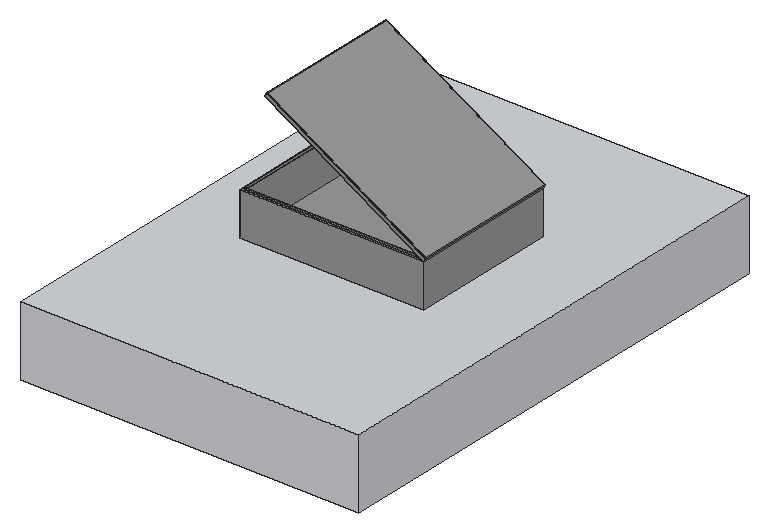
Revit family "Hager-Univers-IP54-D205-H650-Cl.I-Encl-DE-de", category Equipement électrique, Revit 2020
Family settings
  Hôte = Face
  Configuration du panneau = Deux colonnes, circuits au sein
  Cote de connecteur circulaire = Utiliser le diamètre
  Type d'élément = Tableau de raccordement
  Couper avec des vides une fois chargée = Non
  Partagée = Non
  Point de calcul de pièce = Non
Parameters (values of type "Aufputz IP54 B800 H650 T205  - FP43TW2")
  Width Control [instance] = if([EF000008 - Breite] > Min Width, [EF000008 - Breite], Min Width)  # 800 mm
  Commentaires du type = [HG000003 - Bereich]  # "Univers"
  Thickness Door [instance] = if([EF009171 - Materialstärke Tür/Deckel] > 3 mm, 3 mm, [EF009171 - Materialstärke Tür/Deckel])  # 1 mm
  Seal Frame Offset [instance] = 17 mm  # constant formula
  Plinth Visibility [instance] = [HG000027 - Sockelhöhe] > 0 mm  # no
  Model = ""
  Min Width [instance] = 100 mm  # constant formula
  Min Height [instance] = 100 mm  # constant formula
  Min Depth [instance] = (2 * [EF009170 - Materialstärke Gehäuse]) + 1 mm  # 3 mm
  Internal Frame Depth [instance] = (Door System Depth * 0.5)  # 9 mm
  Height Control [instance] = if([EF000040 - Höhe] > Min Height, [EF000040 - Höhe], Min Height)  # 650 mm
  HG000027 - Sockelhöhe = 0 mm
  HG000026 - Stehend auf dem Boden = no
  HG000024 - Höhe des unteren Teils = 800 mm
  HG000023 - Gehäuse mit doppeltem Querschnitt = no
  HG000016 - 3D-Türsichtbarkeit [instance] = yes
  HG000015 - Sichtbarkeit der Türöffnung [instance] = no
  HG000014 - Tür rechts [instance] = yes
  HG000013 - Tür links [instance] = not([HG000014 - Tür rechts])  # no
  HG000012 - Türschwenkwinkel [instance] = 30.00°
  HG000010 - Asymmetrische Türen = no
  HG000009 - Doppelflügeligen Tür = no
  HG000006 - Unterputz = no
  HG000004 - Herstellerreferenz = "FP43TW2"
  HG000003 - Bereich = "Univers"
  HG000002 - Mit tür = yes
  Frame Offset Bottom [instance] = 10 mm  # constant formula
  Frame Offset [instance] = 15 mm  # constant formula
  EF015940 - Deckel mit Überdruckentlastung = no
  EF011959 - Schutzart (NEMA) = ""
  EF009554 - Anzahl der Öffnungen für Flanschplatten = 6
  Fabricant = "Hager"  # constant formula
  EF009212 - Ausführung Deckel = "EV000116 - geschlossen"
  EF009171 - Materialstärke Tür/Deckel = 1 mm
  EF009170 - Materialstärke Gehäuse = 1 mm
  EF008873 - Nennstrom (In) = 250 A
  EF007800 - Geeignet für Blitzschutz = no
  EF006306 - Mit Schloss = no
  EF006244 - Transparenter Deckel/Tür = no
  EF005474 - Schutzart (IP) = "EV006419 - IP54"
  EF004464 - Art der Tür = "EV002646 - Einzel"
  EF004427 - Anzahl der Module = 144
  EF004293 - Schlagfestigkeit = "EV006815 - IK09"
  EF003532 - Geeignet für Außengebrauch = no
  EF002950 - Breite in Teilungseinheiten = 36
  EF001613 - Funktionserhalt = "EV000494 - ohne"
  EF001596 - Werkstoff des Gehäuses = "EV000179 - Stahl"
  EF001131 - Innentiefe = 205 mm
  EF001088 - Anbaumöglichkeit = yes
  EF000437 - Anzahl der Leitungseinführungen = 6
  EF000339 - Art der Abdeckung = "EV001012 - Deckel"
  EF000266 - Anzahl der Reihen = 4
  EF000218 - Einbautiefe = 205 mm
  EF000118 - Mit Montageplatte = no
  EF000116 - RAL-Nummer = "9010"
  EF000049 - Tiefe = 205 mm
  EF000040 - Höhe = 650 mm
  EF000008 - Breite = 800 mm
  EF000007 - Farbe = "EV000202 - weiß"
  EF000003 - Montageart = "EV000384 - Aufputz"
  Door System Leaf Tolerance [instance] = 1.5 mm  # constant formula
  Door System Depth [instance] = 18 mm  # constant formula
  Door Height [instance] = Height Control - [HG000027 - Sockelhöhe]  # 650 mm
  Depth Control [instance] = if([EF000049 - Tiefe] > Min Depth, [EF000049 - Tiefe], Min Depth)  # 205 mm
  Default Elevation = 0 mm
  Connector Offset [instance] = Height Control / 2  # 325 mm
  Bottom Top Plate Trim [instance] = 1.5 mm  # constant formula
  Plinth height Ctrl [instance] = if([HG000027 - Sockelhöhe] > 0 mm, [HG000027 - Sockelhöhe], 12 mm)  # 12 mm
Types (8, lengths in mm): name | Width Control | HG000009 - Doppelflügeligen Tür | HG000004 - Herstellerreferenz | EF009554 - Anzahl der Öffnungen für Flanschplatten | EF004464 - Art der Tür | EF004427 - Anzahl der Module | EF002950 - Breite in Teilungseinheiten | EF000437 - Anzahl der Leitungseinführungen | EF000008 - Breite
  Aufputz IP54 B1300 H650 T205  - FP45TW | 1300 | yes | "FP45TW" | 10 | "EV003602 - Doppel" | 240 | 60 | 10 | 1300
  Aufputz IP54 B1300 H650 T205  - FP45TW2 | 1300 | no | "FP45TW2" | 10 | "EV003602 - Doppel" | 240 | 60 | 10 | 1300
  Aufputz IP54 B300 H650 T205  - FP41TW | 300 | no | "FP41TW" | 2 | "EV002646 - Einzel" | 48 | 12 | 2 | 300
  Aufputz IP54 B300 H650 T205  - FP41TW2 | 300 | no | "FP41TW2" | 2 | "EV002646 - Einzel" | 48 | 12 | 2 | 300
  Aufputz IP54 B550 H650 T205  - FP42TW | 550 | no | "FP42TW" | 4 | "EV002646 - Einzel" | 96 | 24 | 4 | 550
  Aufputz IP54 B550 H650 T205  - FP42TW2 | 550 | no | "FP42TW2" | 4 | "EV002646 - Einzel" | 96 | 24 | 4 | 550
  Aufputz IP54 B800 H650 T205  - FP43TW | 800 | no | "FP43TW" | 6 | "EV002646 - Einzel" | 144 | 36 | 6 | 800
  Aufputz IP54 B800 H650 T205  - FP43TW2 | 800 | no | "FP43TW2" | 6 | "EV002646 - Einzel" | 144 | 36 | 6 | 800
Reference planes
  plane 1 "Center (Front/Back)": y = 0
  plane 2: z = 0
  plane 3 "Center (Left/Right)": x = 0
  plane 4: z = 205
  plane 5: y = 1
  plane 6: y = 325
  plane 7: y = 0
  plane 8: y = 650
  plane 9: z = 0
  plane 10: x = -385
  plane 11: x = 385
  plane 12: x = 384
  plane 13: x = -384
  plane 14: y = 649
  plane 15: x = -383
  plane 16: x = -400
  plane 17: x = 383
  plane 18: x = 400
  plane 19: x = 399
  plane 20: x = -399
  plane 21: y = 11
  plane 22: y = 650
  plane 23: y = 634
  plane 24: z = 187
  plane 25: z = 1
  plane 26: z = 186
  plane 27: z = 204
Forms (mm)
  Extrusion 1, solid
    sketch origin (0, 0, 0) x (1, 0, 0) y (0, 1, 0)
      loop
        line (-702.964, 1305) -> (-702.964, -811.445) -> (766.763, -811.445) -> (766.763, 1305) -> (-702.964, 1305)
    from 0 to -304.8
  Extrusion 2, solid, material "Hager_Steel_RAL7035_Light_Grey", visible <- "Plinth Visibility", detail levels medium+fine
    sketch origin (0, 0, 0) x (1, 0, 0) y (0, 1, 0)
      loop
        line (-400, 0) -> (400, 0) -> (400, 12) -> (-400, 12) -> (-400, 0)
    from 0 to 187
  Extrusion 3, solid, material "Hager_Steel_RAL7035_Light_Grey", detail levels medium+fine
    sketch origin (0, 0, 0) x (1, 0, 0) y (0, 1, 0)
      loop
        line (-400, 0) -> (400, 0) -> (400, 650) -> (-400, 650) -> (-400, 0)
    from 0 to 187
  Extrusion 4, void
    sketch origin (0, 0, 0) x (1, 0, 0) y (0, 1, 0)
      loop
        line (-399, 1) -> (399, 1) -> (399, 649) -> (-399, 649) -> (-399, 1)
    from 1 to 186
  Extrusion 5, void
    sketch origin (-381.607, -4572, 187) x (0, -1, 0) y (-1, 0, 0)
      loop
        line (-4583, 2.393) -> (-5206, 2.393) -> (-5206, -765.607) -> (-4583, -765.607) -> (-4583, 2.393)
    from 0 to 1 <- "EF009170 - Materialstärke Gehäuse"
  Extrusion 6, solid, material "Hager_Steel_RAL7035_Light_Grey", detail levels fine
    sketch origin (0, 0, 187) x (1, 0, 0) y (0, 1, 0)
      loop
        line (-384, 634) -> (-384, 11) -> (384, 11) -> (384, 634) -> (-384, 634)
      loop
        line (-385, 10) -> (385, 10) -> (385, 635) -> (-385, 635) -> (-385, 10)
    from 0 to 9 <- "Internal Frame Depth"
  Extrusion 7, solid, material "Hager_Steel_RAL7035_Light_Grey", detail levels coarse
    sketch origin (0, 0, 0) x (1, 0, 0) y (0, 1, 0)
      loop
        line (-400, 0) -> (400, 0) -> (400, 650) -> (-400, 650) -> (-400, 0)
    from 0 to 205
  Sweep 8, void
    path in 3D
      loop
        line (-400, 12, 0) -> (400, 12, 0) -> (400, 12, 187) -> (-400, 12, 187) -> (-400, 12, 0)
    profile origin (-400, 12, 93.5) x (-1, 0, 0) y (0, -1, 0)
      loop
        line (0, 0) -> (0, 1.5) -> (-1.5, 1.5)
        arc (-1.5, 1.5) -> (-1.061, 0.439) -> (0, 0) r 1.5
Cuts and joins
  Extrusion 4, Extrusion 5 cuts Extrusion 3
  Sweep 8 cuts Extrusion 2
Lines and regions (mm)
  Masking region 1
    outline origin (0, 0, 0) x (1, 0, 0) y (0, 0, 1)
      loop
        line (-400, 205) -> (-400, 0) -> (400, 0) -> (400, 205) -> (-400, 205)
  Masking region 2, detail levels medium+fine
    outline origin (0, 140, 0) x (0, 1, 0) y (0, 0, 1)
      loop
        line (-140, 0) -> (510, 0) -> (510, 187) -> (-140, 187) -> (-140, 0)
  Masking region 3, not visible, detail levels medium+fine
    outline origin (0, 297.922, 0) x (0, 1, 0) y (0, 0, 1)
      loop
        line (38.578, 0) -> (78.578, 0) -> (78.578, 194)
        arc (78.578, 194) -> (75.649, 201.071) -> (68.578, 204) r 10
        line (68.578, 204) -> (38.578, 204) -> (38.578, 0)
  Masking region 4, detail levels coarse
    outline origin (0, 0, 180) x (0, 1, 0) y (0, 0, 1)
      loop
        line (0, -180) -> (650, -180) -> (650, 25) -> (0, 25) -> (0, -180)
  Masking region 5, visible <- "Plinth Visibility", detail levels medium+fine
    outline origin (0, 52.24, 12.345) x (0, 0, -1) y (0, 1, 0)
      loop
        line (10.845, -40.24) -> (-173.155, -40.24)
        arc (-173.155, -40.24) -> (-173.594, -41.301) -> (-174.655, -41.74) r 1.5
        line (-174.655, -41.74) -> (-174.655, -52.24) -> (12.345, -52.24) -> (12.345, -41.74)
        arc (12.345, -41.74) -> (11.285, -41.301) -> (10.845, -40.24) r 1.5
  Masking region 6, detail levels medium+fine
    outline origin (-381.607, -4572, 187) x (-1, 0, 0) y (0, -1, 0)
      loop
        line (18.393, -5222) -> (18.393, -4572) -> (-781.607, -4572) -> (-781.607, -5222) -> (18.393, -5222)
  Masking region 7, visible <- "Plinth Visibility", detail levels medium+fine
    outline origin (-381.607, -4727, 187) x (-1, 0, 0) y (0, -1, 0)
      loop
        arc (16.893, -4739) -> (17.332, -4737.939) -> (18.393, -4737.5) r 1.5
        line (18.393, -4737.5) -> (18.393, -4727) -> (-781.607, -4727) -> (-781.607, -4737.5)
        arc (-781.607, -4737.5) -> (-780.546, -4737.939) -> (-780.107, -4739) r 1.5
        line (-780.107, -4739) -> (16.893, -4739)
  Masking region 8, detail levels coarse
    outline origin (-442.548, -4669.526, 187) x (-1, 0, 0) y (0, -1, 0)
      loop
        line (-42.548, -5319.526) -> (-42.548, -4669.526) -> (-842.548, -4669.526) -> (-842.548, -5319.526) -> (-42.548, -5319.526)
  sketch lines
    curve 1: line (-400, 12, 187) -> (-400, 12, 0)
    curve 2: line (400, 12, 187) -> (-400, 12, 187)
    curve 3: line (400, 12, 187) -> (400, 12, 0)
    curve 4: line (-400, 12, 0) -> (400, 12, 0)
Dimensions and locks
  "Depth Control": plane 4 to Extrusion 1
  "HG000027 - Sockelhöhe": plane 1 "Center (Front/Back)" to plane 7
  "EF009170 - Materialstärke Gehäuse": plane 5 to plane 7
  locked: connector elem to plane 3 "Center (Left/Right)"
  equal spacing: plane 8, plane 6, plane 7
  locked: connector elem to plane 6
  "EF009170 - Materialstärke Gehäuse": plane 8 to plane 14
  "EF009170 - Materialstärke Gehäuse": plane 10 to plane 13
  "EF009170 - Materialstärke Gehäuse": plane 12 to plane 11
  "Frame Offset": plane 20 to plane 13
  "Frame Offset": plane 12 to plane 19
  "EF009170 - Materialstärke Gehäuse": plane 16 to plane 20
  "EF009170 - Materialstärke Gehäuse": plane 19 to plane 18
  "Seal Frame Offset": plane 16 to plane 15
  "Seal Frame Offset": plane 17 to plane 18
  "Frame Offset Bottom": plane 21 to plane 5
  "Frame Offset": plane 14 to plane 23
  equal spacing: plane 16, plane 3 "Center (Left/Right)", plane 18
  "Width Control": plane 16 to plane 18
  "EF009170 - Materialstärke Gehäuse": plane 4 to plane 27
  "EF009170 - Materialstärke Gehäuse": plane 24 to plane 26
  "EF009170 - Materialstärke Gehäuse": plane 25 to level
  "Door System Depth": plane 4 to plane 24
  "Height Control": plane 1 "Center (Front/Back)" to Extrusion 7 sketch curve
  "Height Control": Masking region 4 sketch curve to plane 1 "Center (Front/Back)"
  "Height Control": plane 1 "Center (Front/Back)" to plane 22
  "Bottom Top Plate Trim": profile plane to Sweep 8 sketch curve
  "Bottom Top Plate Trim": Sweep 8 sketch curve to profile plane
  "Plinth height Ctrl": plane 1 "Center (Front/Back)" to Extrusion 2 sketch curve
  "Plinth height Ctrl": Masking region 5 sketch curve to plane 1 "Center (Front/Back)"
  "Plinth height Ctrl": plane 1 "Center (Front/Back)" to Masking region 7 sketch curve
  "Thickness Door": Extrusion 6 sketch curve to Extrusion 6 sketch curve  (x3)
  "Thickness Door": cut or joined group of Extrusion 3, Extrusion 4, Extrusion 5 to Extrusion 6 sketch curve
  radius of Masking region 3 sketch curve = 10 mm
  "Bottom Top Plate Trim": radius of Masking region 5 sketch curve  (x2)
  "Bottom Top Plate Trim": radius of Sweep 8 sketch curve
  "Bottom Top Plate Trim": radius of Masking region 7 sketch curve  (x2)
  aligned and locked: plane 2 to Extrusion 1
  aligned and locked: level to Extrusion 1
  aligned and locked: level to Masking region 1 sketch curve
  aligned and locked: Masking region 1 sketch curve to plane 18
  aligned and locked: Masking region 1 sketch curve to plane 16
  aligned and locked: plane 7 to Masking region 2 sketch curve
  aligned and locked: level to Masking region 3 sketch curve
  aligned and locked: Masking region 3 sketch curve to plane 27
  aligned and locked: level to Masking region 2 sketch curve
  aligned and locked: plane 1 "Center (Front/Back)" to Extrusion 2 sketch curve
  aligned and locked: Extrusion 3 sketch curve to plane 7
  aligned and locked: plane 16 to Extrusion 3 sketch curve
  aligned and locked: plane 18 to Extrusion 3 sketch curve
  aligned and locked: plane 20 to Extrusion 4 sketch curve
  aligned and locked: plane 19 to Extrusion 4 sketch curve
  aligned and locked: Extrusion 4 sketch curve to plane 5
  aligned and locked: Extrusion 4 to plane 25
  aligned and locked: plane 26 to Extrusion 4
  aligned and locked: plane 24 to Extrusion 3
  aligned and locked: Extrusion 5 sketch curve to plane 21
  aligned and locked: Extrusion 5 sketch curve to plane 13
  aligned and locked: Extrusion 5 sketch curve to plane 12
  aligned and locked: plane 18 to Extrusion 7 sketch curve
  aligned and locked: plane 1 "Center (Front/Back)" to Extrusion 7 sketch curve
  aligned and locked: plane 16 to Extrusion 7 sketch curve
  aligned and locked: plane 4 to Extrusion 7
  aligned and locked: Extrusion 7 to level
  aligned and locked: level to Masking region 4 sketch curve
  aligned and locked: Masking region 4 sketch curve to plane 1 "Center (Front/Back)"
  aligned and locked: Masking region 4 sketch curve to plane 4
  aligned and locked: nested 1 to level
  aligned and locked: nested 1 to plane 16
  aligned and locked: plane 8 to Extrusion 3 sketch curve
  aligned and locked: plane 23 to Extrusion 5 sketch curve
  aligned and locked: plane 14 to Extrusion 4 sketch curve
  aligned and locked: Masking region 2 sketch curve to plane 8
  aligned and locked: level to Masking region 5 sketch curve
  aligned and locked: plane 16 to Extrusion 2 sketch curve
  aligned and locked: plane 18 to Extrusion 2 sketch curve
  aligned and locked: Masking region 5 sketch curve to plane 24
  aligned and locked: Masking region 2 sketch curve to plane 24
  aligned and locked: plane 24 to Extrusion 2
  aligned and locked: profile plane to Sweep 8 sketch curve  (x2)
  aligned and locked: Masking region 6 sketch curve to plane 18
  aligned and locked: Masking region 6 sketch curve to plane 22
  aligned and locked: Masking region 6 sketch curve to plane 16
  aligned and locked: plane 8 to plane 22
  aligned and locked: Masking region 6 sketch curve to plane 7
  aligned and locked: Masking region 7 sketch curve to plane 16
  aligned and locked: Masking region 7 sketch curve to plane 1 "Center (Front/Back)"
  aligned and locked: Masking region 7 sketch curve to plane 18
  aligned and locked: Masking region 8 sketch curve to plane 1 "Center (Front/Back)"
  aligned and locked: Masking region 8 sketch curve to plane 18
  aligned and locked: Masking region 8 sketch curve to plane 22
  aligned and locked: Masking region 8 sketch curve to plane 16
  aligned and locked: nested 2 to plane 7
  aligned and locked: plane 3 "Center (Left/Right)" to nested 2
  aligned and locked: nested 2 to plane 24
  aligned and locked: Extrusion 6 sketch curve to cut or joined group of Extrusion 3, Extrusion 4, Extrusion 5  (x4)
Automatic sketch dimensions
  Extrusion 1 sketch curve to Extrusion 1 sketch curve = 1469.727 mm
  Extrusion 1 sketch curve to Extrusion 1 sketch curve = 2116.445 mm
  Masking region 1 sketch curve to plane 4 = 0 mm
  plane 6 to Masking region 3 sketch curve = 11.5 mm
  Masking region 3 sketch curve to Masking region 3 sketch curve = 30 mm
  Masking region 5 sketch curve to plane 1 "Center (Front/Back)" = 0 mm
Nested families
  nested 1: "Hager_Enclosure_Symbol" at (-400, 0, 0) x (1, 0, 0) z (0, -1, 0), Height <- "Depth Control", Width <- "Width Control", type "Hager_Enclosure_Symbol"
    with Width_Ctrl 800 mm, Width 800 mm, Height_Ctrl 205 mm, Height 205 mm, A_Width_Int 13.453 mm, A_Width 161.438 mm, A_Height_Ctrl 179.375 mm, A_Height 179.375 mm
  nested 2: "EC000058_Univers_Door" at (0, 0, 187) x (1, 0, 0) z (0, 1, 0), Leaf_Tolerance <- "Door System Leaf Tolerance", Angle <- "HG000012 - Türschwenkwinkel", Door_Depth <- "Door System Depth", Door_Left <- "HG000013 - Tür links", Transparent <- "EF006244 - Transparenter Deckel/Tür", Assymetrical <- "HG000010 - Asymmetrische Türen", Width <- "Width Control", Clearance <- "HG000015 - Sichtbarkeit der Türöffnung", Double <- "HG000009 - Doppelflügeligen Tür", 3d_Door <- "HG000016 - 3D-Türsichtbarkeit", Lock_Visibility <- "EF006306 - Mit Schloss", Width_Ctrl <- "Width Control", Door_Right <- "HG000014 - Tür rechts", Door <- "HG000002 - Mit tür", Height <- "Door Height", Thickness <- "Thickness Door", type "EC000058_Univers_Door", detail levels medium+fine
    with min_wh 3 mm, Width_Ctrl 800 mm, Width 800 mm, Transparent no, Thickness 1 mm, Seal_Material Hager_Rubber, Lock_Visibility no, Lock_Material Hager_Plastic_RAL9005_Jet_Black, Leaf_Width 800 mm, Leaf_Tolerance_External_Sides 0 mm, Leaf_Tolerance 1.5 mm, Leaf_Offset 0 mm, Leaf_Height 647 mm, Leaf_2_Width 800 mm, Leaf_2_Offset 400 mm, Leaf_1_Width 800 mm, Leaf_1_Offset 400 mm, Height_Ctrl 650 mm, Height 650 mm, Glass_Material Hager_Glass, Double_Clearance_Ctrl no, Double no, Door_Right_Ctrl yes, Door_Right yes, Door_Material Hager_Steel_RAL7035_Light_Grey, Door_Left_Ctrl no, Door_Left no, Door_Depth 18 mm, Door yes, Clearance_Material Hager_Clearance, Clearance_Depth 800 mm, Clearance_Ctrl no, Clearance no, Assymetrical no, Angle 30.00°, 3d_Door yes
Connectors
  electrical at (0, 325, 0)
    settings: on plane 9, index 1, voltage 0 V, apparent load 0 VA, apparent load phase1 0 VA, apparent load phase2 0 VA, apparent load phase3 0 VA, power factor 1, load classification "Other", number of poles 1, system type 30, power factor state 1, is connector primary yes, connector utility no, sub classification motor no, connector description ""
Definition of nested family "EC000058_Univers_Door"
  Parameters (values of type "EC000058_Univers_Door")
    min_wh [instance] = (2 * Thickness) + 1 mm  # 11 mm
    Width_Ctrl [instance] = 400 mm
    Width [instance] = 500 mm
    Transparent [instance] = yes
    Thickness [instance] = 5 mm
    Seal_Material [instance] = none
    Lock_Visibility [instance] = yes
    Lock_Material [instance] = none
    Leaf_Width [instance] = if((Width_Ctrl - 2 * Leaf_Tolerance_External_Sides) > 0 mm, (Width_Ctrl - 2 * Leaf_Tolerance_External_Sides), min_wh)  # 400 mm
    Leaf_Tolerance_External_Sides [instance] = 0 mm  # constant formula
    Leaf_Tolerance [instance] = 1.5 mm
    Leaf_Offset [instance] = 0 mm  # constant formula
    Leaf_Height [instance] = if((Height_Ctrl - 2 * Leaf_Tolerance) > 0 mm, (Height_Ctrl - 2 * Leaf_Tolerance), min_wh)  # 497 mm
    Leaf_2_Width [instance] = if(and(and(Double, Assymetrical), Door_Left), (Leaf_Width / 3) - (Leaf_Tolerance / 2), if(and(and(Double, Assymetrical), Door_Right), (Leaf_Width / 3) * 2 - (Leaf_Tolerance / 2), if(and(Double, not(Assymetrical)), (Leaf_Width / 2) - Leaf_Tolerance, Leaf_Width)))  # 400 mm
    Leaf_2_Offset [instance] = if(and(Double, Assymetrical), Leaf_2_Width / 2, if(and(Double, not(Assymetrical)), Leaf_Width / 4, Leaf_Width / 2))  # 200 mm
    Leaf_1_Width [instance] = if(and(and(Double, Assymetrical), Door_Right), (Leaf_Width / 3) - (Leaf_Tolerance / 2), if(and(and(Double, Assymetrical), Door_Left), (Width / 3) * 2 - (Leaf_Tolerance / 2), if(and(Double, not(Assymetrical)), (Leaf_Width / 2) - Leaf_Tolerance, Leaf_Width)))  # 400 mm
    Leaf_1_Offset [instance] = if(and(Double, Assymetrical), Leaf_1_Width / 2, if(and(Double, not(Assymetrical)), Leaf_Width / 4, Leaf_Width / 2))  # 200 mm
    Height_Ctrl [instance] = if(Height > min_wh, Height, min_wh)  # 500 mm
    Height [instance] = 500 mm
    Glass_Material [instance] = none
    Double_Clearance_Ctrl [instance] = and(Double, Clearance)  # no
    Double [instance] = no
    Door_Right_Ctrl [instance] = and(or(Door_Right, Double), Door)  # yes
    Door_Right [instance] = yes
    Door_Material [instance] = none
    Door_Left_Ctrl [instance] = and(or(Door_Left, Double), Door)  # no
    Door_Left [instance] = no
    Door_Depth [instance] = 30 mm
    Door [instance] = yes
    Default Elevation = 1219.2 mm
    Clearance_Material [instance] = none
    Clearance_Depth [instance] = if(Leaf_1_Width > Leaf_2_Width, Leaf_1_Width, Leaf_2_Width)  # 400 mm
    Clearance_Ctrl [instance] = and(not(Double), Clearance)  # yes
    Clearance [instance] = yes
    Assymetrical [instance] = yes
    Angle [instance] = 30.00°
    3d_Door [instance] = yes
  Reference planes
    plane 1 "Center (Front/Back)": y = 0
    plane 2 "Bottom": z = 0
    plane 3 "Center (Left/Right)": x = 0
    plane 4: z = 500
    plane 5: x = -200
    plane 6: x = 200
    plane 7: z = 500
    plane 8: x = -200
    plane 9: z = 0
    plane 10: x = 200
    plane 11: y = 0
    plane 12: z = 1.5
    plane 13: x = -600
    plane 14: y = -400
    plane 15: x = 600
    plane 16: x = 0
    plane 17: x = 0
    plane 18: x = -200
    plane 19: x = 200
    plane 20: z = 498.5
  Forms (mm)
    Extrusion 1, solid, material <- "Clearance_Material", visible <- "Double_Clearance_Ctrl"
      sketch origin (1200, 0, 0) x (1, 0, 0) y (0, 0, -1)
        loop
          line (-1800, -498.5) -> (-600, -498.5) -> (-600, 0) -> (-1800, 0) -> (-1800, -498.5)
      from 0 to -400
  Dimensions and locks
    equal spacing: plane 5, plane 3 "Center (Left/Right)", plane 6
    "Width_Ctrl": plane 5 to plane 6
    "Leaf_Offset": plane 5 to plane 8
    "Leaf_Offset": plane 6 to plane 10
    "Leaf_Offset": plane 9 to level
    "Leaf_Offset": plane 4 to plane 7
    "Height_Ctrl": plane 4 to level
    "Leaf_Tolerance": plane 12 to plane 9
    locked: plane 11 to plane 1 "Center (Front/Back)"
    "Leaf_1_Offset": plane 18 to plane 16
    "Leaf_2_Offset": plane 17 to plane 19
    "Leaf_1_Width": plane 13 to plane 8
    "Leaf_2_Width": plane 10 to plane 15
    "Clearance_Depth": plane 14 to plane 1 "Center (Front/Back)"
    "Leaf_Tolerance_External_Sides": plane 8 to plane 18
    "Leaf_Tolerance_External_Sides": plane 19 to plane 10
    "Leaf_Tolerance": plane 7 to plane 20
    aligned and locked: level to plane 2 "Bottom"
    aligned and locked: nested 1 to plane 16
    aligned and locked: nested 2 to plane 17
    aligned and locked: Extrusion 1 to plane 13
    aligned and locked: plane 15 to Extrusion 1
    aligned and locked: Extrusion 1 to plane 14
    aligned and locked: plane 12 to nested 1
    aligned and locked: nested 2 to plane 12
    aligned and locked: Extrusion 1 to plane 11
    aligned and locked: plane 20 to Extrusion 1
    aligned and locked: nested 2 to plane 11
    aligned and locked: nested 1 to plane 11
  Automatic sketch dimensions
    Extrusion 1 sketch curve to level = 0 mm
    plane 5 to Extrusion 1 sketch curve = 400 mm
    plane 6 to Extrusion 1 sketch curve = 400 mm
    Extrusion 1 sketch curve to plane 4 = 1.5 mm
  Nested families
    nested 1: "EC000058_Univers_Door_Leaf" at (0, 0, 1.5), Width <- "Leaf_1_Width", visible <- "Door_Left_Ctrl", Leaf_Height <- "Leaf_Height", Angle <- "Angle", 3d_Door <- "3d_Door", Transparent <- "Transparent", Clearance Material <- "Clearance_Material", Clearance <- "Clearance_Ctrl", Door_Material <- "Door_Material", Glass_Material <- "Glass_Material", Door_Depth <- "Door_Depth", Lock_Material <- "Lock_Material", Seal_Material <- "Seal_Material", Lock_Visibility <- "Lock_Visibility", Thickness <- "Thickness", type "EC000058_Univers_Door_Leaf"
      with Width 400 mm, Transparent_Glass_Offset 30 mm, Transparent_Ctrl yes, Transparent yes, Thickness 5 mm, Standard no, Seal_Material none, Seal_D2 8 mm, Seal_D1 1 mm, Offset_Internal_Frame 10 mm, Lock_Width 20 mm, Lock_Visibility_3d yes, Lock_Visibility yes, Lock_Thickness_3 3 mm, Lock_Thickness_2 1 mm, Lock_Thickness_1 3 mm, Lock_Radius_Offset_2 16 mm, Lock_Radius_Offset_1 15 mm, Lock_Radius_2 5 mm, Lock_Radius 6 mm, Lock_Offset 5 mm, Lock_Material none, Lock_Height 80 mm, Lock_Cover_Top_Offset_2d 17 mm, Lock_Cover_Height -65 mm, Leaf_Height 497 mm, Internal_Seal_Thickness 8 mm, Internal_Seal_Depth_2 4.5 mm, Internal_Frame_Depth 25 mm, Glass_Thickness -1 mm, Glass_Offset -2 mm, Glass_Material none, Door_Material none, Door_Depth 30 mm, Clearance Material none, Clearance yes, Angle_Ctrl 30.00°, Angle 30.00°, 3d_Door yes
    nested 2: "EC000058_Univers_Door_Leaf" at (0, 0, 1.5) x (-1, 0, 0) z (0, 0, 1), Width <- "Leaf_2_Width", visible <- "Door_Right_Ctrl", Leaf_Height <- "Leaf_Height", Angle <- "Angle", 3d_Door <- "3d_Door", Transparent <- "Transparent", Clearance Material <- "Clearance_Material", Clearance <- "Clearance_Ctrl", Door_Material <- "Door_Material", Glass_Material <- "Glass_Material", Door_Depth <- "Door_Depth", Lock_Material <- "Lock_Material", Seal_Material <- "Seal_Material", Lock_Visibility <- "Lock_Visibility", Thickness <- "Thickness", type "EC000058_Univers_Door_Leaf"
      with Width 400 mm, Transparent_Glass_Offset 30 mm, Transparent_Ctrl yes, Transparent yes, Thickness 5 mm, Standard no, Seal_Material none, Seal_D2 8 mm, Seal_D1 1 mm, Offset_Internal_Frame 10 mm, Lock_Width 20 mm, Lock_Visibility_3d yes, Lock_Visibility yes, Lock_Thickness_3 3 mm, Lock_Thickness_2 1 mm, Lock_Thickness_1 3 mm, Lock_Radius_Offset_2 16 mm, Lock_Radius_Offset_1 15 mm, Lock_Radius_2 5 mm, Lock_Radius 6 mm, Lock_Offset 5 mm, Lock_Material none, Lock_Height 80 mm, Lock_Cover_Top_Offset_2d 17 mm, Lock_Cover_Height -65 mm, Leaf_Height 497 mm, Internal_Seal_Thickness 8 mm, Internal_Seal_Depth_2 4.5 mm, Internal_Frame_Depth 25 mm, Glass_Thickness -1 mm, Glass_Offset -2 mm, Glass_Material none, Door_Material none, Door_Depth 30 mm, Clearance Material none, Clearance yes, Angle_Ctrl 30.00°, Angle 30.00°, 3d_Door yes
  Definition of nested family "EC000058_Univers_Door_Leaf"
    Parameters (values of type "EC000058_Univers_Door_Leaf")
      Width [instance] = 2000 mm
      Transparent_Glass_Offset [instance] = 30 mm
      Transparent_Ctrl [instance] = and(Transparent, [3d_Door])  # yes
      Transparent [instance] = yes
      Thickness [instance] = 5 mm
      Standard [instance] = and(not(Transparent), [3d_Door])  # no
      Seal_Material [instance] = none
      Seal_D2 [instance] = 8 mm  # constant formula
      Seal_D1 [instance] = 1 mm  # constant formula
      Offset_Internal_Frame [instance] = 10 mm  # constant formula
      Lock_Width [instance] = 20 mm  # constant formula
      Lock_Visibility_3d [instance] = and(Lock_Visibility, [3d_Door])  # yes
      Lock_Visibility [instance] = yes
      Lock_Thickness_3 [instance] = 3 mm  # constant formula
      Lock_Thickness_2 [instance] = 1 mm  # constant formula
      Lock_Thickness_1 [instance] = 3 mm  # constant formula
      Lock_Radius_Offset_2 [instance] = Lock_Radius_Offset_1 + 1 mm  # 16 mm
      Lock_Radius_Offset_1 [instance] = 15 mm  # constant formula
      Lock_Radius_2 [instance] = Lock_Radius - 1 mm  # 5 mm
      Lock_Radius [instance] = 6 mm  # constant formula
      Lock_Offset [instance] = 5 mm  # constant formula
      Lock_Material [instance] = none
      Lock_Height [instance] = 80 mm  # constant formula
      Lock_Cover_Top_Offset_2d [instance] = Lock_Radius_Offset_2 + 1 mm  # 17 mm
      Lock_Cover_Height [instance] = -(Lock_Height - Lock_Radius_Offset_1)  # -65 mm
      Leaf_Height [instance] = 2720.336 mm
      Internal_Seal_Thickness [instance] = 8 mm  # constant formula
      Internal_Seal_Depth_2 [instance] = 4.5 mm  # constant formula
      Internal_Frame_Depth [instance] = if(Door_Depth - Thickness > 5 mm, Door_Depth - Thickness, 5 mm)  # 25 mm
      Glass_Thickness [instance] = if(Thickness > 15 mm, Glass_Offset + 10 mm, -1 mm)  # -1 mm
      Glass_Offset [instance] = if(Thickness > 15 mm, -(Thickness + 10 mm) / 2, -2 mm)  # -2 mm
      Glass_Material [instance] = none
      Door_Material [instance] = none
      Door_Depth [instance] = 30 mm
      Default Elevation = 0 mm
      Clearance Material [instance] = none
      Clearance [instance] = yes
      Angle_Ctrl [instance] = if(Angle > 180.00°, 180.00°, Angle)  # 90.00°
      Angle [instance] = 90.00°
      3d_Door [instance] = yes
    Reference planes
      plane 1 "Center (Front/Back)": y = 0
      plane 2: z = 0
      plane 3 "Center (Left/Right)": x = 0
      plane 4: y = 2000
      plane 5: x = -1000
      plane 6: x = 1000
      plane 7: x = -3000
      plane 8: z = 2720.336
      plane 9: z = 30
      plane 10: z = 2690.336
      plane 11: x = 970
      plane 12: x = -970
      plane 13: y = -3
      plane 14: z = 107.833
      plane 15: y = -5
      plane 16: y = -223.314
      plane 17: x = -1000
      plane 18: z = 1360.168
      plane 19: y = 30
    Forms (mm)
      Extrusion 1, solid, material <- "Clearance Material", visible <- "Clearance"
        sketch origin (0, 0, 0) x (1, 0, 0) y (0, 0, 1)
          loop
            line (-3000, 2720.336) -> (-3000, 0) -> (1000, 0) -> (1000, 2720.336) -> (-3000, 2720.336)
        from 0 to -2000
      Extrusion 2, solid, material <- "Door_Material", visible <- "Standard", detail levels medium+fine
        sketch origin (-1000, 0, 0) x (0, 1, 0) y (-1, 0, 0)
          loop
            line (0, 30) -> (0, 25) -> (2000, 25) -> (2000, 30) -> (0, 30)
        from 0 to 2720.336 <- "Leaf_Height"
      Extrusion 3, solid, material <- "Door_Material", visible <- "Transparent_Ctrl", detail levels medium+fine
        sketch origin (-1000, 0, 0) x (0, 1, 0) y (-1, 0, 0)
          loop
            line (0, 25) -> (2000, 25) -> (2000, 30) -> (0, 30) -> (0, 25)
        from 0 to 2720.336 <- "Leaf_Height"
      Extrusion 4, void
        sketch origin (-1025, 2000, 0) x (0, 1, 0) y (0, 0, -1)
          loop
            line (-30, -2690.336) -> (-30, -30) -> (-1970, -30) -> (-1970, -2690.336) -> (-30, -2690.336)
        from 0 to 5 <- "Thickness"
      Sweep 5, solid, material <- "Seal_Material", visible <- "Transparent_Ctrl", detail levels fine
        path in 3D
          loop
            line (-1025, 30, 30) -> (-1025, 30, 2690.336) -> (-1025, 1970, 2690.336) -> (-1025, 1970, 30) -> (-1025, 30, 30)
        profile origin (-1025, 1000, 30) x (1, 0, 0) y (0, 0, 1)
          loop
            line (0, 0) -> (0, -8) -> (1, -8) -> (1, 0) -> (0, 0)
      Extrusion 6, solid, material <- "Glass_Material", visible <- "Transparent_Ctrl", detail levels medium+fine
        sketch origin (-1030, 0, 0) x (0, 1, 0) y (0, 0, -1)
          loop
            line (1970, -2690.336) -> (1970, -30) -> (30, -30) -> (30, -2690.336) -> (1970, -2690.336)
        from -2 <- "Glass_Offset" to -1 <- "Glass_Thickness"
      Extrusion 7, solid, material <- "Door_Material", visible <- "3d_Door", detail levels medium+fine
        sketch origin (-1025, 2000, 0) x (0, -1, 0) y (0, 0, -1)
          loop
            line (0, -2720.336) -> (2000, -2720.336) -> (2000, 0) -> (0, 0) -> (0, -2720.336)
          loop
            line (1995, -5) -> (5, -5) -> (5, -2715.336) -> (1995, -2715.336) -> (1995, -5)
        from 0 to 25 <- "Internal_Frame_Depth"
      Sweep 8, solid, material <- "Seal_Material", visible <- "Transparent_Ctrl", detail levels fine
        path in 3D
          loop
            line (-1025, 0, 0) -> (-1025, 2000, 0) -> (-1025, 2000, 2720.336) -> (-1025, 0, 2720.336) -> (-1025, 0, 0)
        profile origin (-1025, 0, 1360.168) x (1, 0, 0) y (0, 1, 0)
          loop
            line (0, 10) -> (2.975, 10)
            arc (2.975, 10) -> (4.053, 10.447) -> (4.5, 11.525) r 1.525
            line (4.5, 11.525) -> (4.5, 16.527)
            arc (4.5, 16.527) -> (4.069, 17.569) -> (3.027, 18) r 1.473
            line (3.027, 18) -> (0, 18) -> (0, 10)
      Extrusion 9, solid, material <- "Lock_Material", visible <- "Lock_Visibility_3d", detail levels fine
        sketch origin (-1030, 0, 0) x (0, 1, 0) y (0, 0, -1)
          loop
            arc (1993.5, -1400.168) -> (1994.561, -1399.729) -> (1995, -1398.668) r 1.5
            line (1995, -1398.668) -> (1995, -1320.168) -> (1975, -1320.168) -> (1975, -1398.668)
            arc (1975, -1398.668) -> (1975.439, -1399.729) -> (1976.5, -1400.168) r 1.5
            line (1976.5, -1400.168) -> (1993.5, -1400.168)
        from 3 <- "Lock_Thickness_1" to 0
      Blend 10, solid, material <- "Lock_Material", visible <- "Lock_Visibility_3d", detail levels fine
        base sketch origin (-1033, 0, 0) x (0, 1, 0) y (0, 0, -1)
          loop
            line (1975, -1320.168) -> (1975, -1398.668)
            arc (1975, -1398.668) -> (1975.439, -1399.729) -> (1976.5, -1400.168) r 1.5
            line (1976.5, -1400.168) -> (1993.5, -1400.168)
            arc (1993.5, -1400.168) -> (1994.561, -1399.729) -> (1995, -1398.668) r 1.5
            line (1995, -1398.668) -> (1995, -1320.168) -> (1975, -1320.168)
        top sketch origin (-1033, 0, 0) x (0, 1, 0) y (0, 0, -1)
          loop
            line (1976, -1320.168) -> (1976, -1398.668)
            arc (1976, -1398.668) -> (1976.146, -1399.022) -> (1976.5, -1399.168) r 0.5
            line (1976.5, -1399.168) -> (1993.5, -1399.168)
            arc (1993.5, -1399.168) -> (1993.854, -1399.022) -> (1994, -1398.668) r 0.5
            line (1994, -1398.668) -> (1994, -1320.168) -> (1976, -1320.168)
        from 0 to 1 <- "Lock_Thickness_2"
      Blend 11, solid, material <- "Lock_Material", visible <- "Lock_Visibility_3d", detail levels fine
        base sketch origin (-1034, 0, 0) x (0, 1, 0) y (0, 0, -1)
          loop
            line (1978, -1320.168) -> (1978, -1384.168)
            arc (1978, -1384.168) -> (1985, -1391.168) -> (1992, -1384.168) r 7
            line (1992, -1384.168) -> (1992, -1320.168) -> (1978, -1320.168)
        top sketch origin (-1034, 0, 0) x (0, 1, 0) y (0, 0, -1)
          loop
            line (1991, -1320.168) -> (1979, -1320.168) -> (1979, -1383.168)
            arc (1979, -1383.168) -> (1985, -1389.168) -> (1991, -1383.168) r 6
            line (1991, -1383.168) -> (1991, -1320.168)
        from 0 to 3 <- "Lock_Thickness_3"
      Extrusion 12, solid, material <- "Lock_Material", visible <- "Lock_Visibility_3d", detail levels fine
        sketch origin (-1030, 1975, 1320.168) x (1, 0, 0) y (0, -1, 0)
          loop
            line (-7, -19) -> (-7, -1) -> (0, -1) -> (0, 0) -> (-8, 0) -> (-8, -20) -> (0, -20) -> (0, -19) -> (-7, -19)
        from 0 to -65 <- "Lock_Cover_Height"
      Extrusion 13, void
        sketch origin (-1038, 1995, 1320.168) x (-1, 0, 0) y (0, 0, -1)
          loop
            line (-5, -65) -> (0, -65) -> (-5, -60) -> (-5, -65)
        from 0 to 20 <- "Lock_Width"
      Extrusion 14, void
        sketch origin (-1038, 1975, 1320.168) x (0, -1, 0) y (0, 0, -1)
          loop
            circle (-10, -15.995) r 6
          loop
            circle (-10, -15.995) r 5
        from 0 to 2
      Extrusion 15, solid, material <- "Lock_Material", visible <- "Lock_Visibility_3d", detail levels medium
        sketch origin (-1030, 0, 0) x (0, 1, 0) y (0, 0, -1)
          loop
            arc (1993.5, -1400.168) -> (1994.561, -1399.729) -> (1995, -1398.668) r 1.5
            line (1995, -1398.668) -> (1995, -1320.168) -> (1975, -1320.168) -> (1975, -1398.668)
            arc (1975, -1398.668) -> (1975.439, -1399.729) -> (1976.5, -1400.168) r 1.5
            line (1976.5, -1400.168) -> (1993.5, -1400.168)
        from 8 to 0
    Cuts and joins
      Extrusion 4 cuts Extrusion 3
      Extrusion 13, Extrusion 14 cuts Extrusion 9
      Extrusion 14 cuts Blend 11
      Extrusion 13, Extrusion 14 cuts Extrusion 12
      joined: Extrusion 9, Blend 10, Blend 11, Extrusion 12
      Extrusion 14 cuts Extrusion 15
    Lines and regions (mm)
      Masking region 1, visible <- "Lock_Visibility", detail levels fine
        outline origin (0, 0, 0) x (0, 1, 0) y (0, 0, 1)
          loop
            line (30, 1320.168) -> (33, 1320.168) -> (33, 1400.168) -> (30, 1400.168) -> (30, 1320.168)
      Masking region 2, visible <- "Lock_Visibility", detail levels fine
        outline origin (0, 3.143, 0) x (0, 1, 0) y (0, 0, 1)
          loop
            line (29.857, 1354.168) -> (30.857, 1354.168) -> (30.857, 1366.168) -> (29.857, 1366.168) -> (29.857, 1354.168)
      Masking region 3, detail levels medium+fine
        outline origin (0, 0, 0) x (0, 1, 0) y (0, 0, 1)
          loop
            line (0, 0) -> (30, 0) -> (30, 2720.336) -> (0, 2720.336) -> (0, 0)
      Masking region 4, detail levels medium+fine
        outline origin (0, 0, 0) x (1, 0, 0) y (0, 0, 1)
          loop
            line (-1000, 2720.336) -> (-1000, 0) -> (1000, 0) -> (1000, 2720.336) -> (-1000, 2720.336)
      Masking region 5, visible <- "Lock_Visibility", detail levels fine
        outline origin (-47.116, 0, 0) x (1, 0, 0) y (0, 0, 1)
          loop
            arc (1024.616, 1399.168) -> (1023.556, 1398.729) -> (1023.116, 1397.668) r 1.5
            line (1023.116, 1397.668) -> (1023.116, 1320.168) -> (1041.116, 1320.168) -> (1041.116, 1397.668)
            arc (1041.116, 1397.668) -> (1040.677, 1398.729) -> (1039.616, 1399.168) r 1.5
            line (1039.616, 1399.168) -> (1024.616, 1399.168)
      Masking region 6, visible <- "Lock_Visibility", detail levels medium+fine
        outline origin (-25, 0, 0) x (1, 0, 0) y (0, 0, 1)
          loop
            arc (1001.5, 1400.168) -> (1000.439, 1399.729) -> (1000, 1398.668) r 1.5
            line (1000, 1398.668) -> (1000, 1320.168) -> (1020, 1320.168) -> (1020, 1398.668)
            arc (1020, 1398.668) -> (1019.561, 1399.729) -> (1018.5, 1400.168) r 1.5
            line (1018.5, 1400.168) -> (1001.5, 1400.168)
      Masking region 7, visible <- "Lock_Visibility", detail levels fine
        outline origin (-73.735, 0, 0) x (1, 0, 0) y (0, 0, 1)
          loop
            line (1051.735, 1382.168) -> (1065.735, 1382.168) -> (1065.735, 1384.168)
            arc (1065.735, 1384.168) -> (1058.735, 1391.168) -> (1051.735, 1384.168) r 7
            line (1051.735, 1384.168) -> (1051.735, 1382.168)
      Masking region 8, visible <- "Lock_Visibility", detail levels fine
        outline origin (-73.735, 0, 0) x (1, 0, 0) y (0, 0, 1)
          loop
            line (1052.735, 1382.168) -> (1064.735, 1382.168) -> (1064.735, 1383.168)
            arc (1064.735, 1383.168) -> (1058.735, 1389.168) -> (1052.735, 1383.168) r 6
            line (1052.735, 1383.168) -> (1052.735, 1382.168)
      Masking region 9, visible <- "Lock_Visibility", detail levels fine
        outline origin (-25, 0, 0) x (1, 0, 0) y (0, 0, 1)
          loop
            line (1020, 1320.168) -> (1020, 1382.168) -> (1000, 1382.168) -> (1000, 1320.168) -> (1020, 1320.168)
      Masking region 10, detail levels medium+fine
        outline origin (0, 0, 0) x (1, 0, 0) y (0, 0, 1)
          loop
            circle (985, 1335.144) r 6
      Masking region 11, detail levels fine
        outline origin (0, 0, 0) x (1, 0, 0) y (0, 0, 1)
          loop
            circle (985, 1335.144) r 5
      Masking region 12, visible <- "Lock_Visibility", detail levels fine
        outline origin (0, 12.767, 0) x (0, 1, 0) y (0, 0, 1)
          loop
            line (20.233, 1320.168) -> (21.233, 1320.168) -> (21.233, 1399.168) -> (20.233, 1400.168) -> (20.233, 1320.168)
      Masking region 13, visible <- "Lock_Visibility", detail levels fine
        outline origin (0, 13.767, -10) x (0, 1, 0) y (0, 0, 1)
          loop
            line (20.233, 1330.168) -> (23.233, 1330.168) -> (23.233, 1399.168) -> (20.233, 1402.168) -> (20.233, 1330.168)
      Masking region 14, visible <- "Lock_Visibility", detail levels fine
        outline origin (0, 12.767, -10) x (0, 1, 0) y (0, 0, 1)
          loop
            line (20.233, 1330.168) -> (25.233, 1330.168) -> (25.233, 1399.305) -> (20.233, 1394.305) -> (20.233, 1330.168)
      Masking region 15, visible <- "Lock_Visibility", detail levels medium
        outline origin (0, 0, 0) x (0, 1, 0) y (0, 0, 1)
          loop
            line (30, 1320.168) -> (38, 1320.168) -> (38, 1400.168) -> (30, 1400.168) -> (30, 1320.168)
      Masking region 16, visible <- "Lock_Visibility", detail levels fine
        outline origin (-1000, 0, 0) x (0, 1, 0) y (-1, 0, 0)
          loop
            line (1975, 30) -> (1995, 30) -> (1995, 38) -> (1975, 38) -> (1975, 30)
          loop
            line (1979, 37) -> (1976, 37) -> (1976, 34) -> (1978, 34) -> (1979, 37)
          loop
            line (1994, 37) -> (1991, 37) -> (1992, 34) -> (1994, 34) -> (1994, 37)
      Masking region 17, visible <- "Lock_Visibility", detail levels medium
        outline origin (-1000, 0, 0) x (0, 1, 0) y (-1, 0, 0)
          loop
            line (1975, 30) -> (1995, 30) -> (1995, 38) -> (1975, 38) -> (1975, 30)
      symbolic lines
        curve 1: line (1000, 0, 0) -> (-3000, 0, 0)
        curve 2: arc (1000, 0, 0) -> (-1000, 2000, 0) -> (-3000, 0, 0) r 2000
        curve 4: line (-1030, 0, 0) -> (-1030, 2000, 0)
      reference lines
        curve 3: line (-1000, 0, 0) -> (-1000, 2000, 0)
      symbolic lines, detail levels medium+fine
        curve 5: line (-1030, 2000, 0) -> (-1025, 2000, 0)
        curve 7: line (-1025, 0, 0) -> (-1030, 0, 0)
        curve 8: line (-1025, 0, 0) -> (-1000, 0, 0)
        curve 9: line (-1000, 0, 0) -> (-1000, 2000, 0)
        curve 10: line (-1000, 2000, 0) -> (-1025, 2000, 0)
      symbolic lines, detail levels fine
        curve 6: line (-1025, 2000, 0) -> (-1025, 0, 0)
      sketch lines
        curve 11: line (-1025, 0, 2720.336) -> (-1025, 0, 0)
        curve 12: line (-1025, 2000, 0) -> (-1025, 0, 0)
        curve 13: line (-1025, 2000, 2720.336) -> (-1025, 2000, 0)
        curve 14: line (-1025, 0, 2720.336) -> (-1025, 2000, 2720.336)
        curve 15: line (-1025, 1970, 30) -> (-1025, 30, 30)
        curve 16: line (-1025, 30, 30) -> (-1025, 30, 2690.336)
        curve 17: line (-1025, 1970, 2690.336) -> (-1025, 1970, 30)
        curve 18: line (-1025, 30, 2690.336) -> (-1025, 1970, 2690.336)
      symbolic lines, visible <- "Transparent", detail levels medium+fine
        curve 19: line (-970, 0, 2690.336) -> (970, 0, 2690.336)
        curve 20: line (-970, 0, 30) -> (-970, 0, 2690.336)
        curve 21: line (970, 0, 30) -> (-970, 0, 30)
        curve 22: line (970, 0, 2690.336) -> (970, 0, 30)
    Dimensions and locks
      "Width": plane 1 "Center (Front/Back)" to plane 4
      equal spacing: plane 5, plane 3 "Center (Left/Right)", plane 6
      "Width": plane 5 to plane 6
      "Width": plane 7 to plane 5
      "Leaf_Height": plane 8 to level
      "Width": curve 5 to curve 3
      "Width": curve 3 to curve 3
      plane 8 to plane 10 = 30 mm
      plane 9 to level = 30 mm
      plane 12 to plane 5 = 30 mm
      plane 6 to plane 11 = 30 mm
      Extrusion 1 to Extrusion 4 sketch curve = 30 mm
      "Transparent_Glass_Offset": curve 3 to Extrusion 4 sketch curve
      "Transparent_Glass_Offset": Extrusion 4 sketch curve to cut or joined group of Extrusion 3, Extrusion 4  (x2)
      cut or joined group of Extrusion 3, Extrusion 4 to Extrusion 6 sketch curve = 30 mm
      "Transparent_Glass_Offset": cut or joined group of Extrusion 3, Extrusion 4 to Extrusion 4 sketch curve
      "Thickness": curve 6 to curve 4
      "Thickness": Extrusion 7 sketch curve to Extrusion 7 sketch curve  (x4)
      "Door_Depth": curve 4 to curve 3
      "Offset_Internal_Frame": profile plane to Sweep 8 sketch curve
      "Internal_Seal_Thickness": Sweep 8 sketch curve to Sweep 8 sketch curve
      "Internal_Seal_Depth_2": profile plane to Sweep 8 sketch curve
      "Seal_D1": profile plane to Sweep 5 sketch curve
      "Seal_D2": profile plane to Sweep 5 sketch curve
      "Thickness": Extrusion 2 sketch curve to Extrusion 2 sketch curve
      equal spacing: Extrusion 9 sketch curve, plane 18, Extrusion 9 sketch curve  (x2)
      equal spacing: Masking region 1 sketch curve, plane 18, Masking region 1 sketch curve
      "Lock_Height": Masking region 1 sketch curve to Masking region 1 sketch curve
      "Lock_Radius": Masking region 2 sketch curve to plane 18 to Masking region 2 sketch curve
      Masking region 2 sketch curve to Masking region 1 = 1 mm
      "Door_Depth": plane 19 to plane 1 "Center (Front/Back)"
      "Lock_Thickness_1": Masking region 1 sketch curve to plane 19
      "Lock_Width": Extrusion 9 sketch curve to Extrusion 9 sketch curve
      "Lock_Height": Extrusion 9 sketch curve to Extrusion 9 sketch curve
      "Lock_Offset": cut or joined group of Extrusion 3, Extrusion 4 to Extrusion 9 sketch curve
      equal spacing: plane 8, plane 18, level
      "Lock_Radius_Offset_1": Blend 11 sketch curve to Blend 10
      locked: Blend 10 to Blend 11 sketch curve at 2  (x2)
      locked: var sketch to Blend 11 sketch curve at 1  (x2)
      "Lock_Radius_Offset_2": Blend 11 sketch curve to Blend 10
      locked: Extrusion 12 sketch curve to Extrusion 12 sketch curve at 1  (x3)
      Masking region 6 sketch curve to Masking region 6 sketch curve = 80 mm
      "Lock_Height": Masking region 6 sketch curve to Masking region 6 sketch curve
      "Lock_Width": Masking region 6 sketch curve to Masking region 6 sketch curve
      locked: Masking region 6 to Masking region 5 sketch curve at 1  (x3)
      locked: Masking region 5 to Masking region 7 sketch curve at 2  (x2)
      "Lock_Radius_Offset_1": Masking region 5 to Masking region 7 sketch curve
      "Lock_Radius_Offset_2": Masking region 5 to Masking region 8 sketch curve
      locked: Masking region 7 to Masking region 8 sketch curve at 1  (x2)
      "Lock_Cover_Top_Offset_2d": Masking region 5 to Masking region 9 sketch curve
      equal spacing: Masking region 9, Masking region 10 sketch curve, Masking region 9
      equal spacing: Masking region 9, Masking region 11 sketch curve, Masking region 9
      Extrusion 15 sketch curve to Extrusion 15 sketch curve = 80 mm
      "Lock_Width": Extrusion 15 sketch curve to Extrusion 15 sketch curve
      "Lock_Height": Extrusion 15 sketch curve to Extrusion 15 sketch curve
      equal spacing: Extrusion 15 sketch curve, plane 18, Extrusion 15 sketch curve
      "Lock_Thickness_3": Masking region 13 sketch curve to Masking region 13 sketch curve
      "Lock_Height": Masking region 12 sketch curve to Masking region 12 sketch curve
      locked: Masking region 13 sketch curve to Masking region 1 at 8
      locked: Masking region 14 sketch curve to Masking region 13 at 1
      locked: Masking region 14 sketch curve to Masking region 1 at 10.863
      "Lock_Height": Masking region 15 sketch curve to Masking region 15 sketch curve
      "Lock_Offset": Extrusion 15 sketch curve to cut or joined group of Extrusion 3, Extrusion 4
      "Lock_Offset": plane 6 to Masking region 6 sketch curve
      radius of Sweep 8 sketch curve = 1.525 mm
      radius of Sweep 8 sketch curve = 1.473 mm
      radius of Extrusion 9 sketch curve = 1.5 mm  (x2)
      "Lock_Radius": radius of Extrusion 14 sketch curve
      "Lock_Radius_2": radius of Extrusion 14 sketch curve
      "Lock_Radius": radius of Masking region 10 sketch curve
      "Lock_Radius_2": radius of Masking region 11 sketch curve
      radius of Extrusion 15 sketch curve = 1.5 mm  (x2)
      "Angle_Ctrl": angle plane 1 "Center (Front/Back)" to curve 3
      locked: Masking region 12 sketch curve to Masking region 12 sketch curve (angle 45.00°)
      locked: Masking region 13 sketch curve to Masking region 13 sketch curve (angle 45.00°)
      locked: Masking region 14 sketch curve to Masking region 14 sketch curve (angle 45.00°)
      aligned and locked: level to plane 2
      aligned and locked: Extrusion 1 to curve 1
      aligned and locked: plane 6 to Extrusion 1
      aligned and locked: Extrusion 1 to plane 1 "Center (Front/Back)"
      aligned and locked: plane 4 to Extrusion 1
      aligned and locked: plane 8 to Extrusion 1
      aligned and locked: curve 7 to Extrusion 2 sketch curve
      aligned and locked: curve 5 to Extrusion 2 sketch curve
      aligned and locked: curve 7 to Extrusion 3 sketch curve
      aligned and locked: Extrusion 3 sketch curve to curve 4
      aligned and locked: Extrusion 3 sketch curve to curve 6
      aligned and locked: Extrusion 3 sketch curve to curve 5
      aligned and locked: curve 9 to curve 3
      aligned and locked: Extrusion 7 sketch curve to cut or joined group of Extrusion 3, Extrusion 4  (x4)
      aligned and locked: plane 17 to curve 3
      aligned and locked: plane 1 "Center (Front/Back)" to curve 3
      aligned and locked: plane 17 to plane 5
      aligned and locked: Sweep 8 sketch curve to profile plane
      aligned and locked: Sweep 5 sketch curve to profile plane  (x2)
      aligned and locked: Masking region 1 to Masking region 2 sketch curve
      aligned and locked: plane 19 to Masking region 1 sketch curve
      aligned and locked: plane 1 "Center (Front/Back)" to Masking region 3 sketch curve
      aligned and locked: plane 19 to Masking region 3 sketch curve
      aligned and locked: level to Masking region 3 sketch curve
      aligned and locked: Masking region 3 sketch curve to plane 8
      aligned and locked: plane 17 to Masking region 4 sketch curve
      aligned and locked: level to Masking region 4 sketch curve
      aligned and locked: Masking region 4 sketch curve to plane 8
      aligned and locked: plane 12 to curve 20
      aligned and locked: plane 10 to curve 19
      aligned and locked: plane 11 to curve 22
      aligned and locked: curve 21 to plane 9
      aligned and locked: Extrusion 2 sketch curve to cut or joined group of Extrusion 3, Extrusion 4
      aligned and locked: Blend 10 sketch curve to Extrusion 9  (x4)
      aligned and locked: Extrusion 9 to Blend 10 sketch curve
      aligned and locked: Blend 10 to Blend 11 sketch curve
      aligned and locked: Extrusion 12 sketch curve to Blend 11
      aligned and locked: Extrusion 12 sketch curve to Extrusion 9  (x4)
      aligned and locked: Masking region 5 sketch curve to Masking region 6
      aligned and locked: Masking region 9 sketch curve to Masking region 6  (x3)
      aligned and locked: Masking region 12 sketch curve to Masking region 1
      aligned and locked: Masking region 13 sketch curve to Masking region 1
      aligned and locked: Masking region 12 to Masking region 14
      aligned and locked: Masking region 14 sketch curve to Masking region 1
      aligned and locked: Masking region 15 sketch curve to Masking region 14
      aligned and locked: Masking region 13 sketch curve to Masking region 12
      aligned and locked: Masking region 16 sketch curve to cut or joined group of Extrusion 14, Extrusion 15  (x4)
      aligned and locked: Masking region 16 sketch curve to cut or joined group of Extrusion 9, Blend 10, Blend 11, Extrusion 12, Extrusion 13, Extrusion 14  (x6)
      aligned and locked: cut or joined group of Extrusion 9, Blend 10, Blend 11, Extrusion 12, Extrusion 13, Extrusion 14 to Masking region 16 sketch curve
      aligned and locked: Masking region 17 sketch curve to cut or joined group of Extrusion 14, Extrusion 15  (x3)
      aligned and locked: Masking region 17 sketch curve to cut or joined group of Extrusion 9, Blend 10, Blend 11, Extrusion 12, Extrusion 13, Extrusion 14
      aligned and locked: Masking region 9 to Masking region 8 sketch curve
      aligned and locked: Masking region 9 to Masking region 7 sketch curve
    Automatic sketch dimensions
      plane 1 "Center (Front/Back)" to curve 2 = 0 mm
      curve 2 to plane 5 = 0 mm
      Extrusion 1 sketch curve to level = 0 mm
      Extrusion 1 sketch curve to plane 7 = 0 mm
      Extrusion 1 sketch curve to plane 6 = 0 mm
      Extrusion 1 sketch curve to plane 8 = 0 mm
      Extrusion 3 to Extrusion 6 sketch curve = 30 mm  (x4)
      Masking region 4 sketch curve to plane 6 = 0 mm
      Blend 10 sketch curve to Extrusion 9 = 1.5 mm
      Blend 10 sketch curve to Extrusion 9 = 1 mm
      Extrusion 13 sketch curve to Extrusion 12 = 0 mm  (x2)
      Extrusion 12 to Extrusion 13 sketch curve = 3 mm
      Extrusion 13 sketch curve to Extrusion 12 = 5 mm
      Extrusion 14 sketch curve to Extrusion 14 sketch curve = 0 mm  (x2)
      Extrusion 14 sketch curve to Extrusion 12 = 10 mm
      Extrusion 14 sketch curve to Extrusion 12 = 15.995 mm
      Masking region 5 sketch curve to Masking region 5 sketch curve = 1.5 mm  (x2)
      Masking region 10 sketch curve to plane 18 = 25.024 mm
      Masking region 11 sketch curve to plane 18 = 25.024 mm
      plane 19 to Masking region 14 sketch curve = 3 mm
      Masking region 16 sketch curve to Masking region 16 sketch curve = 3 mm
      curve 4 to curve 3 = 0 mm
      Blend 10 to Blend 11 sketch curve = 0 mm
      Masking region 6 sketch curve to Masking region 6 sketch curve = 1.5 mm  (x2)
      Masking region 6 sketch curve to plane 18 = 40 mm
      plane 19 to Masking region 12 sketch curve = 3 mm
      Masking region 12 sketch curve to Masking region 12 sketch curve = 1 mm
      Masking region 15 sketch curve to plane 19 = 0 mm
      Masking region 15 sketch curve to plane 18 = 40 mm
      radius of Blend 10 sketch curve to Extrusion 9 = 1 mm
Definition of nested family "Hager_Enclosure_Symbol"
  Parameters (values of type "Hager_Enclosure_Symbol")
    Width_Ctrl [instance] = if(Width > 1 mm, Width, 1 mm)  # 102.27 mm
    Width [instance] = 102.27 mm
    Height_Ctrl [instance] = if(Height > 1 mm, Height, 1 mm)  # 66.5 mm
    A_Width_Int [instance] = if(A_Width / 12 > 2 mm, A_Width / 12, 2 mm)  # 4.364 mm
    A_Width [instance] = if(A_Height_Ctrl * 0.9 > 2 mm, A_Height_Ctrl * 0.9, 2 mm)  # 52.369 mm
    A_Height_Ctrl [instance] = if(A_Height > 2 mm, A_Height, 2 mm)  # 58.188 mm
    Height [instance] = 66.5 mm
    A_Height [instance] = Height - (Height / 8)  # 58.188 mm
  Reference planes
    plane 1 "Centre (avant/arrière)": y = 0
    plane 2: z = 0
    plane 3 "Centre (gauche/droite)": x = 0
    plane 4: x = 52.369
    plane 5: y = 33.042
    plane 6: y = 41.77
    plane 7: y = 66.5
    plane 8: x = 26.184
    plane 9: y = 37.406
    plane 10: x = 102.27
    plane 11: y = 66.5
    plane 12: y = 8.313
  Lines and regions (mm)
    Filled region 1, type "Solid_Black", in view "Niveau de réf."
      outline origin (0, 0, 0) x (1, 0, 0) y (0, 1, 0)
        loop
          line (52.369, 66.5) -> (33.188, 54.536) -> (45.365, 45.006) -> (52.369, 66.5)
    Filled region 2, type "Solid_Black", in view "Niveau de réf."
      outline origin (0, 0, 0) x (1, 0, 0) y (0, 1, 0)
        loop
          line (0, 0) -> (102.27, 0) -> (102.27, 66.5) -> (0, 0)
    detail lines, in view "Niveau de réf."
      curve 1: line (0, 8.313, 0) -> (26.184, 41.77, 0)
      curve 2: line (26.184, 41.77, 0) -> (26.184, 33.042, 0)
      curve 3: line (26.184, 33.042, 0) -> (52.369, 66.5, 0)
  Dimensions and locks
    "A_Width": plane 3 "Centre (gauche/droite)" to plane 4
    equal spacing: plane 3 "Centre (gauche/droite)", plane 8, plane 4
    equal spacing: plane 6, plane 9, plane 5
    equal spacing: curve 3, Filled region 1 sketch curve, Filled region 1 sketch curve
    "Height_Ctrl": plane 1 "Centre (avant/arrière)" to plane 11
    "A_Height_Ctrl": plane 11 to plane 12
    equal spacing: plane 11, plane 9, plane 12
    "A_Width_Int": plane 6 to plane 9
    "Width_Ctrl": plane 3 "Centre (gauche/droite)" to plane 10
    angle Filled region 1 sketch curve to curve 3 = 20.00°
    angle curve 3 to Filled region 1 sketch curve = 20.00°
    locked: curve 3 to Filled region 1 sketch curve (angle 90.00°)
    aligned and locked: plane 10 to Filled region 2
    aligned and locked: plane 11 to Filled region 2 sketch curve
    aligned and locked: plane 10 to Filled region 2 sketch curve
    aligned and locked: plane 3 "Centre (gauche/droite)" to curve 1
    aligned and locked: plane 12 to curve 1
    aligned and locked: plane 7 to plane 11
  Automatic sketch dimensions
    Filled region 1 sketch curve to plane 4 = 0 mm
    Filled region 1 sketch curve to plane 7 = 0 mm
    plane 1 "Centre (avant/arrière)" to Filled region 2 sketch curve = 0 mm
    Filled region 2 sketch curve to plane 3 "Centre (gauche/droite)" = 0 mm
    curve 2 to plane 6 = 0 mm
    curve 2 to plane 8 = 0 mm
    curve 3 to plane 4 = 0 mm
    curve 2 to plane 5 = 0 mm
    curve 3 to plane 7 = 0 mm
